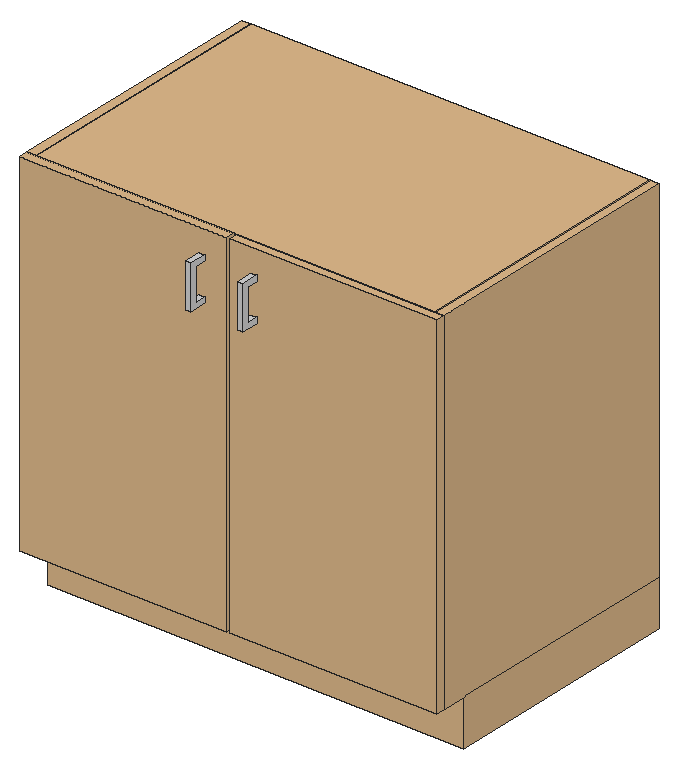
Revit family "122", category Casework, Revit 2022
Family settings
  Work Plane-Based = No
  Always vertical = Yes
  Cut with Voids When Loaded = No
  Shared = No
  Room Calculation Point = No
Parameters (values of type "122")
  URL = "www.wicnet.org/manual_sections.asp"
  Top Panel Material = none
  Toe Panel Material = none
  Side Panel Material = none
  Shelf Panel Material = none
  NAAWS Width = (Width / 1' 0") * 12  # 36
  NAAWS Height = ((Height + Counter Thickness) / 1' 0") * 12  # 36
  NAAWS Depth = (Depth / 1' 0") * 12  # 24
  Model = "122"
  Manufacturer = "Woodwork Institute"
  Door Panel Material = none
  Description = "Base Cabinet w/o Drawers"
  Depth = 2' - 0"
  Height = 2' - 10 1/2"
  Width = 3' - 0"
  Default Elevation = 0' - 0"
  Counter Thickness = 0' - 1 1/2"
  Content Creator URL = "www.AECcontent.com"
  Content Creator = "AECcontent"
  Cab Hardware Finish = none
  Cab Door - Width = (Width / 2) - 0' 0 1/8"  # 1' - 5 7/8"
  Cab Door - Thickness = 0' - 0"
  Cab Door - Style = Cabinet Door_ Flush : Horizontal Center Handle
  Cab Door - Height = Height - 0' 4"  # 2' - 6 1/2"
  Back Panel Material = none
  Assembly Code = "E2010200"
Reference planes (in)
  plane 1 "Back": y = 0
  plane 2 "Center (Left/Right)": x = 0.7377
  plane 3 "Left": x = -17.2623
  plane 4 "Right": x = 18.7377
  plane 5 "Front": y = -24
  plane 6 "Top": z = 34.5
  plane 7: z = 4
  plane 8: z = 19.25
  plane 9: z = 4
  plane 10: y = -21
  plane 11: x = -8.2623
  plane 12: x = 9.7377
Forms (in)
  Extrusion 1, solid, material <- "Side Panel Material"
    sketch origin (-17.2623, 0, 0) x (0, -1, 0) y (0, 0, 1)
      loop
        line (0, 4) -> (23.25, 4) -> (23.25, 34.5) -> (0, 34.5) -> (0, 4)
    from -0.75 to 0
  Extrusion 2, solid, material <- "Side Panel Material"
    sketch origin (18.7377, 0, 0) x (0, -1, 0) y (0, 0, 1)
      loop
        line (23.25, 34.5) -> (0, 34.5) -> (0, 4) -> (23.25, 4) -> (23.25, 34.5)
    from 0 to 0.75
  Extrusion 3, solid, material <- "Top Panel Material"
    sketch origin (0, 0, 34.5) x (0, -1, 0) y (1, 0, 0)
      loop
        line (0, -16.5123) -> (23.25, -16.5123) -> (23.25, 17.9877) -> (0, 17.9877) -> (0, -16.5123)
    from -0.75 to 0
  Extrusion 4, solid, material <- "Back Panel Material"
    sketch origin (0, 0, 0) x (1, 0, 0) y (0, 0, 1)
      loop
        line (17.9877, 33.75) -> (-16.5123, 33.75) -> (-16.5123, 4) -> (17.9877, 4) -> (17.9877, 33.75)
    from 0 to 0.75
  Extrusion 5, solid, material <- "Shelf Panel Material"
    sketch origin (-0.09236, 0, -14.69269) x (1, 0, 0) y (0, 1, 0)
      loop
        line (-16.41994, -0.75) -> (-16.41994, -23.25) -> (18.08006, -23.25) -> (18.08006, -0.75) -> (-16.41994, -0.75)
    from 18.69269 to 19.44531
  Extrusion 6, solid, material <- "Toe Panel Material"
    sketch origin (0, 0, 0) x (1, 0, 0) y (0, 0, 1)
      loop
        line (-17.2623, 4) -> (-17.2623, 0) -> (18.7377, 0) -> (18.7377, 4) -> (-17.2623, 4)
    from 0 to 0.75
  Extrusion 7, solid, material <- "Toe Panel Material"
    sketch origin (18.7377, 0, 0) x (0, -1, 0) y (0, 0, 1)
      loop
        line (21, 4) -> (0, 4) -> (0, 0) -> (21, 0) -> (21, 4)
    from 0 to 0.75
  Extrusion 8, solid, material <- "Toe Panel Material"
    sketch origin (-17.2623, 0, 0) x (0, -1, 0) y (0, 0, 1)
      loop
        line (0, 4) -> (0, 0) -> (21, 0) -> (21, 4) -> (0, 4)
    from 0 to -0.75
  Extrusion 9, solid, material <- "Toe Panel Material"
    sketch origin (0, -21, 3) x (1, 0, 0) y (0, 0, 1)
      loop
        line (-17.2623, 1) -> (-17.2623, -3) -> (18.7377, -3) -> (18.7377, 1) -> (-17.2623, 1)
    from 0 to -0.75
  Extrusion 10, solid, material <- "Door Panel Material"
    sketch origin (0, -24, 0) x (1, 0, 0) y (0, 0, 1)
      loop
        line (-17.2623, 34.5) -> (-17.2623, 4) -> (0.6127, 4) -> (0.6127, 34.5) -> (-17.2623, 34.5)
    from 0 to -0.75
  Extrusion 11, solid, material <- "Door Panel Material"
    sketch origin (0, -24, 0) x (1, 0, 0) y (0, 0, 1)
      loop
        line (0.8627, 34.5) -> (0.8627, 4) -> (18.7377, 4) -> (18.7377, 34.5) -> (0.8627, 34.5)
    from 0 to -0.75
Cuts and joins
  joined: Extrusion 6, Extrusion 7, Extrusion 8, Extrusion 9
Lines and regions (in)
  symbolic lines, style "Elevation Swing"
    curve 1: line (-17.2623, 0, 19.625) -> (-8.6373, 0, 19.625)
    curve 2: line (-17.2623, 0, 18.875) -> (-8.6373, 0, 18.875)
    curve 3: line (0.6127, 0, 34.5) -> (-17.2623, 0, 19.25)
    curve 4: line (-17.2623, 0, 19.25) -> (0.6127, 0, 4)
    curve 5: line (0, -23.25, 19.625) -> (0, -0.75, 19.625)
    curve 6: line (0, -23.25, 18.875) -> (0, -0.75, 18.875)
    curve 7: line (-8.6373, 0, 33.75) -> (-8.6373, 0, 4.75263)
    curve 8: line (10.1127, 0, 33.75) -> (10.1127, 0, 4.75263)
    curve 9: line (-7.8873, 0, 33.75) -> (-7.8873, 0, 4.75263)
    curve 10: line (9.3627, 0, 33.75) -> (9.3627, 0, 4.75263)
    curve 11: line (0.8627, 0, 34.5) -> (18.7377, 0, 19.25)
    curve 12: line (18.7377, 0, 19.25) -> (0.8627, 0, 4)
    curve 13: line (-7.8873, 0, 19.625) -> (9.3627, 0, 19.625)
    curve 14: line (10.1127, 0, 19.625) -> (17.9877, 0, 19.625)
    curve 15: line (-7.8873, 0, 18.875) -> (9.3627, 0, 18.875)
    curve 16: line (10.1127, 0, 18.875) -> (17.9877, 0, 18.875)
  symbolic lines, style "Plan Rep - Below"
    curve 17: line (-17.2623, 0, 0) -> (18.7377, 0, 0)
    curve 18: line (-17.2623, -23.25, 0) -> (-17.2623, 0, 0)
    curve 19: line (18.7377, -23.25, 0) -> (-17.2623, -23.25, 0)
    curve 20: line (18.7377, 0, 0) -> (18.7377, -23.25, 0)
    curve 21: line (-17.2623, -23.25, 0) -> (-17.2623, -24, 0)
    curve 22: line (-17.2623, -24, 0) -> (18.7377, -24, 0)
    curve 23: line (18.7377, -24, 0) -> (18.7377, -23.25, 0)
    curve 24: line (0.7377, -23.25, 0) -> (0.7377, -24, 0)
Dimensions and locks (in)
  "Depth": plane 5 "Front" to plane 1 "Back"
  "Width": plane 3 "Left" to plane 4 "Right"
  equal spacing: plane 3 "Left", plane 11, plane 2 "Center (Left/Right)", plane 12, plane 4 "Right"
  "Height": level to plane 6 "Top"
  equal spacing: plane 6 "Top", plane 8, plane 7
  locked: plane 5 "Front" to plane 10 at 3
  locked: nested 1 to plane 6 "Top" at 2.25
  locked: nested 2 to plane 6 "Top" at 2.25
  locked: plane 2 "Center (Left/Right)" to nested 1 at 2.25
  locked: nested 2 to plane 2 "Center (Left/Right)" at 2.25
  locked: plane 9 to level at 4
  aligned and locked: Extrusion 2 sketch curve to Extrusion 1  (x2)
  aligned and locked: Extrusion 6 sketch curve to plane 3 "Left"
  aligned and locked: plane 4 "Right" to Extrusion 6 sketch curve
  aligned and locked: Extrusion 2 to Extrusion 4 sketch curve
  aligned and locked: Extrusion 4 sketch curve to Extrusion 3
  aligned and locked: Extrusion 1 to Extrusion 4 sketch curve
  aligned and locked: Extrusion 6 to Extrusion 4 sketch curve
  aligned and locked: Extrusion 9 sketch curve to plane 3 "Left"
  aligned and locked: plane 4 "Right" to Extrusion 9 sketch curve
  aligned and locked: plane 5 "Front" to nested 1
  aligned and locked: Extrusion 11 sketch curve to Extrusion 2
  aligned and locked: plane 5 "Front" to nested 2
  aligned and locked: curve 1 to curve 13
  aligned and locked: curve 2 to curve 15
  aligned and locked: curve 13 to curve 14
  aligned and locked: curve 15 to curve 16
Automatic sketch dimensions
  Extrusion 6 sketch curve to level = 0' - 0"
  Extrusion 6 sketch curve to plane 7 = 0' - 0"
  Extrusion 7 sketch curve to plane 1 "Back" = 0' - 0"
  Extrusion 7 sketch curve to level = 0' - 0"
  Extrusion 7 sketch curve to plane 10 = 0' - 0"
  Extrusion 7 sketch curve to plane 7 = 0' - 0"
  Extrusion 8 sketch curve to level = 0' - 0"
  Extrusion 8 sketch curve to plane 1 "Back" = 0' - 0"
  Extrusion 8 sketch curve to plane 10 = 0' - 0"
  Extrusion 8 sketch curve to plane 7 = 0' - 0"
  Extrusion 9 sketch curve to level = 0' - 0"
  Extrusion 9 sketch curve to plane 7 = 0' - 0"
  Extrusion 10 sketch curve to plane 3 "Left" = 0' - 0"
  Extrusion 10 sketch curve to plane 7 = 0' - 0"
  Extrusion 10 sketch curve to plane 6 "Top" = 0' - 0"
  Extrusion 1 sketch curve to plane 1 "Back" = 0' - 0"
  Extrusion 1 sketch curve to plane 6 "Top" = 0' - 0"
  Extrusion 1 sketch curve to plane 7 = 0' - 0"
  Extrusion 1 sketch curve to plane 5 "Front" = 0' - 0 3/4"
  Extrusion 2 sketch curve to plane 7 = 0' - 0"
  Extrusion 2 sketch curve to plane 5 "Front" = 0' - 0 3/4"
  Extrusion 3 sketch curve to plane 1 "Back" = 0' - 0"
  Extrusion 3 sketch curve to plane 5 "Front" = 0' - 0 3/4"
  Extrusion 3 sketch curve to plane 3 "Left" = 0' - 0 3/4"
  plane 4 "Right" to Extrusion 3 sketch curve = 0' - 0 3/4"
  Extrusion 5 sketch curve to plane 3 "Left" = 0' - 0 3/4"
  plane 4 "Right" to Extrusion 5 sketch curve = 0' - 0 3/4"
  Extrusion 5 sketch curve to plane 5 "Front" = 0' - 0 3/4"
  curve 6 to plane 5 "Front" = 0' - 0 3/4"
  curve 5 to plane 5 "Front" = 0' - 0 3/4"
  plane 1 "Back" to curve 5 = 0' - 0 3/4"
  plane 1 "Back" to curve 6 = 0' - 0 3/4"
  plane 1 "Back" to Extrusion 5 sketch curve = 0' - 0 3/4"
  curve 5 to plane 8 = 0' - 0 3/8"
  plane 8 to curve 6 = 0' - 0 3/8"
  Extrusion 11 sketch curve to plane 7 = 0' - 0"
  Extrusion 11 sketch curve to plane 6 "Top" = 0' - 0"
  Extrusion 10 sketch curve to plane 2 "Center (Left/Right)" = 0' - 0 1/8"
  plane 2 "Center (Left/Right)" to Extrusion 11 sketch curve = 0' - 0 1/8"
  curve 1 to plane 3 "Left" = 0' - 0"
  curve 4 to plane 3 "Left" = 0' - 0"
  curve 2 to plane 3 "Left" = 0' - 0"
  curve 3 to plane 6 "Top" = 0' - 0"
  curve 4 to plane 7 = 0' - 0"
  curve 12 to plane 7 = 0' - 0"
  curve 11 to plane 6 "Top" = 0' - 0"
  curve 11 to plane 4 "Right" = 0' - 0"
  curve 12 to plane 8 = 0' - 0"
  curve 3 to plane 8 = 0' - 0"
  plane 11 to curve 2 = 0' - 0 3/8"
  curve 3 to plane 2 "Center (Left/Right)" = 0' - 0 1/8"
  curve 4 to plane 2 "Center (Left/Right)" = 0' - 0 1/8"
  plane 2 "Center (Left/Right)" to curve 12 = 0' - 0 1/8"
  plane 2 "Center (Left/Right)" to curve 11 = 0' - 0 1/8"
  plane 12 to curve 13 = 0' - 0 3/8"
  plane 4 "Right" to curve 14 = 0' - 0 3/4"
  curve 16 to curve 14 = 0' - 0"
  curve 10 to plane 7 = 0' - 0.75263"
  curve 8 to curve 10 = 0' - 0"
  curve 9 to plane 7 = 0' - 0.75263"
  curve 7 to curve 9 = 0' - 0"
  plane 8 to curve 2 = 0' - 0 3/8"
  curve 3 to curve 1 = 0' - 0 3/8"
  plane 6 "Top" to curve 9 = 0' - 0 3/4"
  plane 6 "Top" to curve 8 = 0' - 0 3/4"
  plane 6 "Top" to curve 7 = 0' - 0 3/4"
  curve 10 to curve 8 = 0' - 0"
  curve 13 to plane 11 = 0' - 0 3/8"
  curve 16 to plane 12 = 0' - 0 3/8"
  curve 17 to plane 1 "Back" = 0' - 0"
  curve 17 to plane 3 "Left" = 0' - 0"
  curve 24 to plane 2 "Center (Left/Right)" = 0' - 0"
  curve 17 to plane 4 "Right" = 0' - 0"
  curve 24 to plane 5 "Front" = 0' - 0"
  curve 24 to plane 5 "Front" = 0' - 0 3/4"
Nested families (in)
  nested 1: "Handle-Ver-Sqr" at (-2.12046, -24, 30.625), type "Handle-Ver-Sqr"
  nested 2: "Handle-Ver-Sqr" at (2.37954, -24, 30.625), type "Handle-Ver-Sqr"
Definition of nested family "Handle-Ver-Sqr"
  Parameters
    Handle Material = none
    Default Elevation = 0' - 0"
  Reference planes (in)
    plane 1 "Center (Front/Back)": y = 0
    plane 2: z = 0
    plane 3 "Center (Left/Right)": x = 0.60816
    plane 4: y = -1.25
    plane 5: z = 1.625
    plane 6: z = -1.625
  Forms (in)
    Sweep 1, solid, material <- "Handle Material"
      path origin (0.60816, 0, 0) x (0, 1, 0) y (0, 0, 1)
        loop
          line (0, 1.625) -> (-1.25, 1.625) -> (-1.25, -1.625) -> (0, -1.625)
      profile origin (0, -0.625, 0) x (0, 0, -1) y (1, 0, 0)
        loop
          line (-1.625, 0.35816) -> (-1.37545, 0.35816) -> (-1.37545, 0.84661) -> (-1.87426, 0.84661) -> (-1.87426, 0.35816) -> (-1.625, 0.35816)
  Dimensions and locks (in)
    locked: plane 6 to plane 5 at 3.25
    aligned and locked: Sweep 1 sketch curve to plane 5
    aligned and locked: plane 6 to Sweep 1 sketch curve
